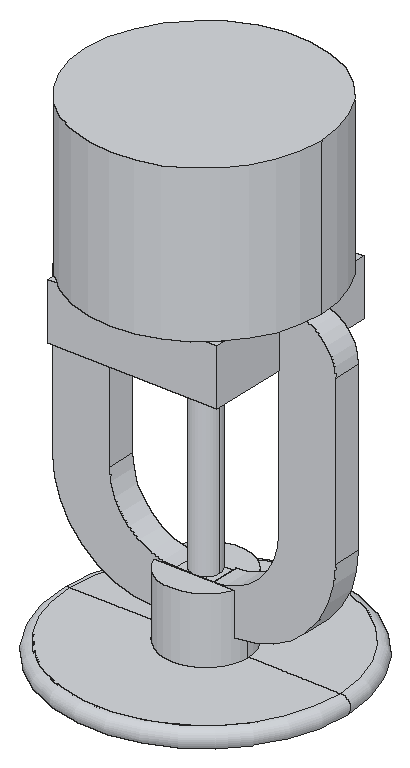
Revit family
Parameters (values of type "RASCO F1FR-300 PENDENT")
  Temperature Rating = 286 °F
  Response = 1
  RASCO SIN # = "R5612"
  RASCO Part # = "F1FRP3LC3"
  Pressure Rating = "300 PSI"
  Pressure Class = 1
  Orifice Size = 17/32"
  Orifice = (empty or 0)
  Model = "F1FR-300"
  Manufacturer = "RASCO"
  K-Factor = 8
  Description = "Chrome Finish"
  Coverage = (empty or 0)
Reference planes (in)
  plane 1 "Center (Front/Back)": y = 0
  plane 2: z = 0
  plane 3 "Center (Left/Right)": x = 0
Dimensions and locks (in)
  aligned and locked: plane 2 to level
Nested families (in)
  nested 1: "F1FRP3LC3" at (-0.01148, 0, 2.4375) x (-1, 0, 0) z (0, 0, -1), type "RASCO F1FR-300 PENDENT"
Connectors (in)
  piping at (-0.01148, 0, 2.4375)
    settings: on nested 1, index 1, connector radius 1/2", flow factor 0, pipe flow 0 GPM, pressure drop 0.00 psi, fitting loss kfactor 0, connector angle 0.00°, fixture units 0, flow configuration 0, flow direction 0, fitting loss method 0, system type 7, connector reference index -1, connector utility 0, adjustable connector no, is connector primary yes, fitting loss table "", connector description ""
Definition of nested family "F1FRP3LC3"
  Parameters (values of type "RASCO F1FR-300 PENDENT")
    Type Comments = ""
    Temperature Rating = 0 °F
    Response = (empty or 0)
    Pressure Rating = "0"
    Pressure Class = (empty or 0)
    Orifice Size = 0"
    Orifice = (empty or 0)
    Model = ""
    Manufacturer = ""
    K-Factor = 0
    Description = ""
    Coverage = (empty or 0)
    Assembly Code = ""
  Reference planes (in)
    plane 1 "Center (Front/Back)": y = 0
    plane 2: z = 0
    plane 3 "ref.2": z = 0.6875
    plane 4 "ref.3": z = 0.9375
    plane 5: x = -0.38065
    plane 6: x = 0.36935
    plane 7 "ref. side 1": y = 0.06402
    plane 8 "ref. side 2": y = -0.06098
    plane 9 "ref.4": z = 1.875
    plane 10 "ref.5": z = 2.3125
    plane 11 "ref.6": z = 2.4375
  Forms (in)
    Extrusion 1, solid
      sketch origin (0, 0, 0) x (1, 0, 0) y (0, 1, 0)
        loop
          circle (0, 0) r 0.5221
      from 0 to 0.6875
    Extrusion 2, solid
      sketch origin (-0.12185, 0.05177, 0.6875) x (1, 0, 0) y (0, 1, 0)
        loop
          line (-0.2588, 0.356) -> (-0.2588, -0.4565) -> (0.4912, -0.4565) -> (0.4912, 0.356) -> (-0.2588, 0.356)
      from 0 to 0.25
    Extrusion 3, solid
      sketch origin (0, 0, 0) x (1, 0, 0) y (0, 0, 1)
        loop
          line (-0.38065, 0.69674) -> (-0.38065, 1.58397)
          arc (-0.38065, 1.58397) -> (-0.29541, 1.78976) -> (-0.08962, 1.875) r 0.29103
          line (-0.08962, 1.875) -> (0.07524, 1.875)
          arc (0.07524, 1.875) -> (0.28321, 1.78886) -> (0.36935, 1.58089) r 0.29411
          line (0.36935, 1.58089) -> (0.36935, 0.69728)
          arc (0.36935, 0.69728) -> (0.54046, 0.72329) -> (0.61935, 0.87734) r 0.18984
          line (0.61935, 0.87734) -> (0.61935, 1.61676)
          arc (0.61935, 1.61676) -> (0.48879, 1.93194) -> (0.17361, 2.0625) r 0.44574
          line (0.17361, 2.0625) -> (-0.18509, 2.0625)
          arc (-0.18509, 2.0625) -> (-0.50015, 1.932) -> (-0.63065, 1.61694) r 0.44556
          line (-0.63065, 1.61694) -> (-0.63065, 0.87876)
          arc (-0.63065, 0.87876) -> (-0.55196, 0.72414) -> (-0.38065, 0.69674) r 0.19126
      from -0.06402 to 0.06098
    Extrusion 4, solid
      sketch origin (0, 0, 0.9375) x (-1, 0, 0) y (0, -1, 0)
        loop
          circle (0.00574, -0.00152) r 0.0625
      from 0 to 0.9375
    Extrusion 5, solid
      sketch origin (0, 0, 1.875) x (-1, 0, 0) y (0, -1, 0)
        loop
          circle (0.00574, -0.00152) r 0.1875
      from 0 to 0.4375
    Revolve 6, solid
      sketch origin (0, 0, -0.2777) x (1, 0, 0) y (0, 0, 1)
        loop
          line (-0.19324, 2.44199) -> (-0.19324, 2.52696) -> (-0.60418, 2.52696)
          arc (-0.60418, 2.52696) -> (-0.64667, 2.48448) -> (-0.60418, 2.44199) r 0.04249
          line (-0.60418, 2.44199) -> (-0.19324, 2.44199)
        axis (-0.00574, 2.44199) -> (-0.00574, 2.52696)
      angle from 0 to 360
  Cuts and joins
    joined: Extrusion 1, Extrusion 2, Extrusion 4, Revolve 6
  Lines and regions (in)
    model lines
      curve 1: line (-0.00574, 0.06402, 1.875) -> (-0.00574, -0.06098, 1.875)
  Dimensions and locks (in)
    Extrusion 3 to Extrusion 3 = 0' - 1 1/4"
    Extrusion 5 to cut or joined group of Extrusion 1, Extrusion 2, Extrusion 4, Revolve 6 = 0' - 2 5/16"
